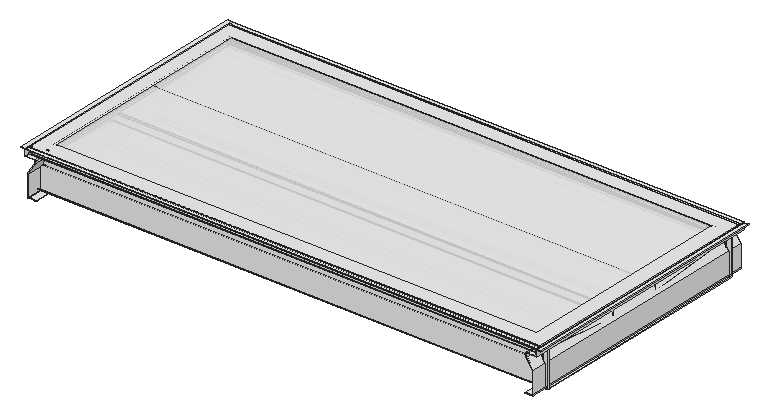
Revit family "LRTG-C29", category Lighting Fixtures, host Face, Revit 2019
Family settings
  Host = Face
  Round Connector Dimension = Use Diameter
  Part Type = Normal
  OmniClass Number = 23.80.70.11.14.17
  OmniClass Title = Direct/Indirect
  Cut with Voids When Loaded = No
  Light Source = Yes
  Shared = No
  Room Calculation Point = No
Parameters (values of type "LRTG-C29-2x4-LED840K092LUNV")
  Width = 1' - 11 3/4"
  Wattage = 72 W
  built-in parameter 1150110 = 1 (stored number, unit not read)
  Voltage = 120 V
  URL = "https://www.viscor.com/en/products/clearform-wet-location"
  built-in parameter 1114217 = 0.9 (stored number, unit not read)
  Tilt Angle = -90.00°
  built-in parameter 1150109 = 1 (stored number, unit not read)
  built-in parameter 1150134 = 12
  built-in parameter 1150113 = 1 (stored number, unit not read)
  Reflector Width = Width - 0' 3 1/16"  # 1' - 8 11/16"
  Photometric Web File = "LRTG-C29-2x4-LED840K092LUNV-G003851.IES"
  Model = "CLEARFORM-Wet Location"  # constant formula
  Manufacturer = "VISIONEERING by VISCOR"  # constant formula
  built-in parameter 1150105 = 733.39 (stored number, unit not read)
  Lumens = 9216 lm
  built-in parameter 1150115 = 1 (stored number, unit not read)
  built-in parameter 1150137 = (empty or 0)
  built-in parameter 1150139 = (empty or 0)
  Lens Finish = Acrylic - Viscor - Frosted Prismatic P12
  Length = 3' - 11 3/4"
  Lamp Wattage = 72 VA
  built-in parameter 1150112 = 1 (stored number, unit not read)
  built-in parameter 1150114 = 1 (stored number, unit not read)
  Lamp = "LED"  # constant formula
  built-in parameter 1150132 = (empty or 0)
  built-in parameter 1150102 = (empty or 0)
  built-in parameter 1150107 = 4000 (stored number, unit not read)
  built-in parameter 1150138 = (empty or 0)
  built-in parameter 1150106 = 7.3339 (stored number, unit not read)
  Housing Finish = Metal - Viscor - White
  Emit from Rectangle Width = Width  # 1' - 11 3/4"
  Emit from Rectangle Length = Length  # 3' - 11 3/4"
  Emit Shape Visible in Rendering = no
  built-in parameter 1150104 = 11.892 (stored number, unit not read)
  Dimming Lamp Color Temperature Shift = <None>
  Diffuser Finish = Polycarbonate - Viscor - Frosted Single Piece
  Description = "LRTG - ClearForm - Wet Location"  # constant formula
  Default Elevation = 4' - 0"
  Color Filter = 16777215
  built-in parameter 1114218 = 1 (stored number, unit not read)
  built-in parameter 1150133 = 10 (stored number, unit not read)
  Assembly Code = "D5020200"
  Apparent Load = Lamp Wattage  # 72 VA
Types (7): name | Width | Wattage | Reflector Width | Photometric Web File | built-in parameter 1150105 | Lumens | Length | Lamp Wattage | built-in parameter 1150106 | Emit from Rectangle Width | Emit from Rectangle Length | built-in parameter 1150104 | Apparent Load
  (no name) | 1' - 11 3/4" | 72 W | 1' - 8 11/16" | "LRTG-C29-2x4-LED840K092LUNV-G003851.IES" | 733.39 (stored number, unit not read) | 9216 lm | 3' - 11 3/4" | 72 VA | 7.3339 (stored number, unit not read) | 1' - 11 3/4" | 3' - 11 3/4" | 11.892 (stored number, unit not read) | 72 VA
  LRTG-C29-1X4-LED840K040LUNV | 0' - 11 3/4" | 33 W | 0' - 8 11/16" | "LRTG-C29-1x4-LED840K040LUNV-G003907.IES" | 323 (stored number, unit not read) | 4059 lm | 3' - 11 3/4" | 33 VA | 3.23 (stored number, unit not read) | 0' - 11 3/4" | 3' - 11 3/4" | 11.427 (stored number, unit not read) | 33 VA
  LRTG-C29-2X4-LED840K040LUNV | 1' - 11 3/4" | 30 W | 1' - 8 11/16" | "LRTG-C29-2x4-LED840K040LUNV-G003845.IES" | 317.51 (stored number, unit not read) | 3990 lm | 3' - 11 3/4" | 30 VA | 3.1751 (stored number, unit not read) | 1' - 11 3/4" | 3' - 11 3/4" | 12.356 (stored number, unit not read) | 30 VA
  LRTG-C29-2x2-LED840K050LUNV | 1' - 11 3/4" | 38 W | 1' - 8 11/16" | "LRTG-C29-2x2-LED840K050LUNV.IES" | 402.18 (stored number, unit not read) | 5054 lm | 1' - 11 3/4" | 38 VA | 4.0218 (stored number, unit not read) | 1' - 11 3/4" | 1' - 11 3/4" | 12.356 (stored number, unit not read) | 38 VA
  LRTG-C29-2X4-LED840K050LUNV | 1' - 11 3/4" | 38 W | 1' - 8 11/16" | "LRTG-C29-2x4-LED840K050LUNV-G003846.IES" | 402.18 (stored number, unit not read) | 5054 lm | 3' - 11 3/4" | 38 VA | 4.0218 (stored number, unit not read) | 1' - 11 3/4" | 3' - 11 3/4" | 12.356 (stored number, unit not read) | 38 VA
  LRTG-C29-2x4-LED840K074LUNV | 1' - 11 3/4" | 57 W | 1' - 8 11/16" | "LRTG-C29-2x4-LED840K074LUNV-G003847.IES" | 589.67 (stored number, unit not read) | 7410 lm | 3' - 11 3/4" | 57 VA | 5.8967 (stored number, unit not read) | 1' - 11 3/4" | 3' - 11 3/4" | 12.077 (stored number, unit not read) | 57 VA
  LRTG-C29-2x4-LED840K092LUNV | 1' - 11 3/4" | 72 W | 1' - 8 11/16" | "LRTG-C29-2x4-LED840K092LUNV-G003851.IES" | 733.39 (stored number, unit not read) | 9216 lm | 3' - 11 3/4" | 72 VA | 7.3339 (stored number, unit not read) | 1' - 11 3/4" | 3' - 11 3/4" | 11.892 (stored number, unit not read) | 72 VA
Reference planes (in)
  plane 1 "Center (Front/Back)": y = 0
  plane 2: z = 0
  plane 3 "Center (Left/Right)": x = 0
  plane 4 "WidthExtTop": y = 11.875
  plane 5 "WidthExtBottom": y = -11.875
  plane 6 "Left Exterior": x = -23.875
  plane 7: x = 23.875
  plane 8 "LeftBodyFinish": x = -23.437
  plane 9 "RightBodyFinish": x = 23.4375
  plane 10 "LeftCover": x = -22.937
  plane 11: x = 22.9375
  plane 12: y = 10.34375
  plane 13: y = -10.34375
Forms (in)
  Extrusion 1, solid, material "Metal - Viscor - White" <- "Housing Finish"
    sketch origin (0, 0, -3.93625) x (1, 0, 0) y (0, 0, 1)
      loop
        line (-22.405, 0) -> (-22.405, 0.03125) -> (-23.086, 0.03125)
        arc (-23.086, 0.03125) -> (-23.11269, 0.04231) -> (-23.12375, 0.069) r 0.03775
        line (-23.12375, 0.069) -> (-23.12375, 2.02963) -> (-22.49825, 2.99713) -> (-22.49825, 3.3035)
        arc (-22.49825, 3.3035) -> (-22.51883, 3.35317) -> (-22.5685, 3.37375) r 0.07025
        line (-22.5685, 3.37375) -> (-23.43575, 3.37375) -> (-23.43575, 3.866)
        arc (-23.43575, 3.866) -> (-23.45633, 3.91567) -> (-23.506, 3.93625) r 0.07025
        line (-23.506, 3.93625) -> (-23.875, 3.93625) -> (-23.875, 3.905) -> (-23.506, 3.905)
        arc (-23.506, 3.905) -> (-23.47842, 3.89358) -> (-23.467, 3.866) r 0.039
        line (-23.467, 3.866) -> (-23.467, 3.3425) -> (-22.5685, 3.3425)
        arc (-22.5685, 3.3425) -> (-22.54092, 3.33108) -> (-22.5295, 3.3035) r 0.039
        line (-22.5295, 3.3035) -> (-22.5295, 3.00635) -> (-23.155, 2.03885) -> (-23.155, 0.069)
        arc (-23.155, 0.069) -> (-23.13479, 0.02021) -> (-23.086, 0) r 0.069
        line (-23.086, 0) -> (-22.405, 0)
    from -11.875 to 11.875
  Extrusion 2, solid, material "Metal - Viscor - White" <- "Housing Finish"
    sketch origin (0, 0, -3.93625) x (0, 1, 0) y (0, 0, 1)
      loop
        line (-10.461, 0.03) -> (10.461, 0.03)
        arc (10.461, 0.03) -> (10.50979, 0.05035) -> (10.53, 0.09914) r 0.069
        line (10.53, 0.09914) -> (10.53, 3.30348)
        arc (10.53, 3.30348) -> (10.54144, 3.33104) -> (10.569, 3.34245) r 0.03898
        line (10.569, 3.34245) -> (11.39851, 3.34245)
        arc (11.39851, 3.34245) -> (11.44727, 3.36265) -> (11.46747, 3.41141) r 0.06896
        line (11.46747, 3.41141) -> (11.46747, 3.866)
        arc (11.46747, 3.866) -> (11.47892, 3.89358) -> (11.5065, 3.905) r 0.039
        line (11.5065, 3.905) -> (11.875, 3.905) -> (11.875, 3.93625) -> (11.5065, 3.93625)
        arc (11.5065, 3.93625) -> (11.45683, 3.91567) -> (11.43625, 3.866) r 0.07025
        line (11.43625, 3.866) -> (11.43622, 3.41141)
        arc (11.43622, 3.41141) -> (11.42518, 3.38475) -> (11.39851, 3.3737) r 0.03771
        line (11.39851, 3.3737) -> (10.569, 3.3737)
        arc (10.569, 3.3737) -> (10.51934, 3.35313) -> (10.49877, 3.30348) r 0.07023
        line (10.49877, 3.30348) -> (10.49875, 0.09914)
        arc (10.49875, 0.09914) -> (10.48769, 0.07245) -> (10.461, 0.06139) r 0.03775
        line (10.461, 0.06139) -> (-10.461, 0.06125)
        arc (-10.461, 0.06125) -> (-10.48769, 0.07245) -> (-10.49875, 0.09914) r 0.03775
        line (-10.49875, 0.09914) -> (-10.49875, 3.30927)
        arc (-10.49875, 3.30927) -> (-10.52117, 3.35547) -> (-10.569, 3.37419) r 0.07047
        line (-10.569, 3.37419) -> (-11.39785, 3.37419)
        arc (-11.39785, 3.37419) -> (-11.42409, 3.38506) -> (-11.43496, 3.4113) r 0.03711
        line (-11.43496, 3.4113) -> (-11.43496, 3.86691)
        arc (-11.43496, 3.86691) -> (-11.45518, 3.91571) -> (-11.50398, 3.93593) r 0.06902
        line (-11.50398, 3.93593) -> (-11.875, 3.93593) -> (-11.875, 3.90468) -> (-11.50398, 3.90468)
        arc (-11.50398, 3.90468) -> (-11.47728, 3.89362) -> (-11.46621, 3.86691) r 0.03777
        line (-11.46621, 3.86691) -> (-11.46621, 3.4113)
        arc (-11.46621, 3.4113) -> (-11.44619, 3.36296) -> (-11.39785, 3.34294) r 0.06836
        line (-11.39785, 3.34294) -> (-10.569, 3.34294)
        arc (-10.569, 3.34294) -> (-10.54277, 3.33288) -> (-10.53, 3.30786) r 0.03922
        line (-10.53, 3.30786) -> (-10.53, 0.09914)
        arc (-10.53, 0.09914) -> (-10.50979, 0.05035) -> (-10.461, 0.03) r 0.069
    from -23.437 to 23.4375
  Extrusion 3, solid, material "Metal - Viscor - White" <- "Housing Finish"
    sketch origin (0, 0, -3.93625) x (-1, 0, 0) y (0, 0, -1)
      loop
        line (-22.405, 0) -> (-23.086, 0)
        arc (-23.086, 0) -> (-23.13479, -0.02021) -> (-23.155, -0.069) r 0.069
        line (-23.155, -0.069) -> (-23.155, -2.03885) -> (-22.5295, -3.00635) -> (-22.5295, -3.3035)
        arc (-22.5295, -3.3035) -> (-22.54092, -3.33108) -> (-22.5685, -3.3425) r 0.039
        line (-22.5685, -3.3425) -> (-23.467, -3.3425) -> (-23.467, -3.866)
        arc (-23.467, -3.866) -> (-23.47842, -3.89358) -> (-23.506, -3.905) r 0.039
        line (-23.506, -3.905) -> (-23.875, -3.905) -> (-23.875, -3.93625) -> (-23.506, -3.93625)
        arc (-23.506, -3.93625) -> (-23.45633, -3.91567) -> (-23.43575, -3.866) r 0.07025
        line (-23.43575, -3.866) -> (-23.43575, -3.37375) -> (-22.5685, -3.37375)
        arc (-22.5685, -3.37375) -> (-22.51883, -3.35317) -> (-22.49825, -3.3035) r 0.07025
        line (-22.49825, -3.3035) -> (-22.49825, -2.99713) -> (-23.12375, -2.02963) -> (-23.12375, -0.069)
        arc (-23.12375, -0.069) -> (-23.11269, -0.04231) -> (-23.086, -0.03125) r 0.03775
        line (-23.086, -0.03125) -> (-22.405, -0.03125) -> (-22.405, 0)
    from -11.875 to 11.875
  Extrusion 4, solid, material "Metal - Viscor - White" <- "Housing Finish"
    sketch origin (0, 0, -0.0625) x (0, 1, 0) y (-1, 0, 0)
      loop
        line (10, -22.0005) -> (10, 22) -> (-10, 22) -> (-10, -22.0005) -> (10, -22.0005)
      loop
        line (11.375, -23.3755) -> (11.375, 23.375) -> (-11.375, 23.375) -> (-11.375, -23.3755) -> (11.375, -23.3755)
    from 0 to 0.0625
  Extrusion 5, solid, material "Acrylic - Viscor - Frosted Prismatic P12" <- "Lens Finish"
    sketch origin (0, 0, -0.1063) x (0, 1, 0) y (-1, 0, 0)
      loop
        line (10.25, 22.25) -> (-10.25, 22.25) -> (-10.25, -22.2505) -> (10.25, -22.2505) -> (10.25, 22.25)
    from 0 to 0.03125
  Extrusion 6, void
    sketch origin (0, 0, 0) x (1, 0, 0) y (0, 1, 0)
      loop
        line (-23.875, 11.875) -> (-23.875, -11.875) -> (23.875, -11.875) -> (23.875, 11.875) -> (-23.875, 11.875)
    from -5.39812 to 0
  Extrusion 7, solid, material "Metal - Viscor - White" <- "Housing Finish"
    sketch origin (0, 0, 0) x (0, 1, 0) y (0, 0, 1)
      loop
        line (2.91409, -3.87128) -> (3.5, -3.87128) -> (3.5, -3.84003) -> (2.91407, -3.84003)
        arc (2.91407, -3.84003) -> (2.88734, -3.829) -> (2.87626, -3.80229) r 0.03773
        line (2.87626, -3.80229) -> (2.87603, -3.6894)
        arc (2.87603, -3.6894) -> (2.85556, -3.64001) -> (2.80617, -3.61955) r 0.06986
        line (2.80617, -3.61955) -> (-2.80608, -3.61955)
        arc (-2.80608, -3.61955) -> (-2.85772, -3.64215) -> (-2.87627, -3.69538) r 0.07048
        line (-2.87627, -3.69538) -> (-2.87627, -3.80216)
        arc (-2.87627, -3.80216) -> (-2.8873, -3.82892) -> (-2.91404, -3.84001) r 0.03776
        line (-2.91404, -3.84001) -> (-3.5, -3.84001) -> (-3.5, -3.87126) -> (-2.91404, -3.87126)
        arc (-2.91404, -3.87126) -> (-2.8652, -3.85101) -> (-2.84502, -3.80213) r 0.06901
        line (-2.84502, -3.80213) -> (-2.84502, -3.69025)
        arc (-2.84502, -3.69025) -> (-2.8336, -3.66269) -> (-2.80606, -3.65125) r 0.039
        line (-2.80606, -3.65125) -> (2.80605, -3.65125)
        arc (2.80605, -3.65125) -> (2.83363, -3.66267) -> (2.84505, -3.69025) r 0.039
        line (2.84505, -3.69025) -> (2.84501, -3.80229)
        arc (2.84501, -3.80229) -> (2.86525, -3.85111) -> (2.91409, -3.87128) r 0.06898
    from -22.937 to 22.9375
  Extrusion 8, solid, material "Metal - Viscor - White" <- "Housing Finish"
    sketch origin (0, 0, 0) x (0, 1, 0) y (0, 0, 1)
      loop
        line (2.875, -3.62125) -> (10.45254, -1.7937)
        arc (10.45254, -1.7937) -> (10.48671, -1.77178) -> (10.5, -1.73347) r 0.062
        line (10.5, -1.73347) -> (10.5, -0.7193)
        arc (10.5, -0.7193) -> (10.48186, -0.67543) -> (10.438, -0.65725) r 0.062
        line (10.438, -0.65725) -> (10.187, -0.65725)
        arc (10.187, -0.65725) -> (10.14316, -0.67541) -> (10.125, -0.71925) r 0.062
        line (10.125, -0.71925) -> (10.125, -0.94725) -> (10.15625, -0.94725) -> (10.15625, -0.71925)
        arc (10.15625, -0.71925) -> (10.16526, -0.69751) -> (10.187, -0.6885) r 0.03075
        line (10.187, -0.6885) -> (10.438, -0.6885)
        arc (10.438, -0.6885) -> (10.45975, -0.69752) -> (10.46875, -0.71928) r 0.03075
        line (10.46875, -0.71928) -> (10.46875, -1.73343)
        arc (10.46875, -1.73343) -> (10.46216, -1.75245) -> (10.44521, -1.76332) r 0.03075
        line (10.44521, -1.76332) -> (2.87128, -3.59) -> (2.25, -3.59) -> (2.25, -3.62125) -> (2.875, -3.62125)
    from -22.937 to 22.9375
  Extrusion 9, solid, material "Metal - Viscor - White" <- "Housing Finish"
    sketch origin (0, 0, 0) x (0, -1, 0) y (0, 0, -1)
      loop
        line (2.875, 3.62125) -> (2.25, 3.62125) -> (2.25, 3.59) -> (2.87128, 3.59) -> (10.44521, 1.76332)
        arc (10.44521, 1.76332) -> (10.46216, 1.75245) -> (10.46875, 1.73343) r 0.03075
        line (10.46875, 1.73343) -> (10.46875, 0.71928)
        arc (10.46875, 0.71928) -> (10.45975, 0.69752) -> (10.438, 0.6885) r 0.03075
        line (10.438, 0.6885) -> (10.187, 0.6885)
        arc (10.187, 0.6885) -> (10.16526, 0.69751) -> (10.15625, 0.71925) r 0.03075
        line (10.15625, 0.71925) -> (10.15625, 0.94725) -> (10.125, 0.94725) -> (10.125, 0.71925)
        arc (10.125, 0.71925) -> (10.14316, 0.67541) -> (10.187, 0.65725) r 0.062
        line (10.187, 0.65725) -> (10.438, 0.65725)
        arc (10.438, 0.65725) -> (10.48186, 0.67543) -> (10.5, 0.7193) r 0.062
        line (10.5, 0.7193) -> (10.5, 1.73347)
        arc (10.5, 1.73347) -> (10.48671, 1.77178) -> (10.45254, 1.7937) r 0.062
        line (10.45254, 1.7937) -> (2.875, 3.62125)
    from -22.937 to 22.9375
  Extrusion 10, solid, material "Polycarbonate - Viscor - Frosted Single Piece"
    sketch origin (0, 0, 0) x (0, 1, 0) y (0, 0, 1)
      loop
        line (2.50514, -1.72164) -> (10.34375, -1.03585) -> (10.34375, -0.99664) -> (2.50171, -1.68273)
        arc (2.50171, -1.68273) -> (2.47279, -1.67378) -> (2.45846, -1.64712) r 0.03994
        line (2.45846, -1.64712) -> (2.39151, -1.01009)
        arc (2.39151, -1.01009) -> (2.36611, -0.96024) -> (2.31388, -0.94019) r 0.07806
        line (2.31388, -0.94019) -> (-2.31463, -0.94019)
        arc (-2.31463, -0.94019) -> (-2.36639, -0.9605) -> (-2.3915, -1.01009) r 0.07806
        line (-2.3915, -1.01009) -> (-2.45846, -1.64712)
        arc (-2.45846, -1.64712) -> (-2.47279, -1.67378) -> (-2.50171, -1.68273) r 0.03994
        line (-2.50171, -1.68273) -> (-10.34375, -0.99664) -> (-10.34375, -1.03585) -> (-2.50514, -1.72164)
        arc (-2.50514, -1.72164) -> (-2.44796, -1.70393) -> (-2.41961, -1.65121) r 0.079
        line (-2.41961, -1.65121) -> (-2.35265, -1.01417)
        arc (-2.35265, -1.01417) -> (-2.34016, -0.98945) -> (-2.31441, -0.97925) r 0.039
        line (-2.31441, -0.97925) -> (2.31388, -0.97925)
        arc (2.31388, -0.97925) -> (2.33998, -0.98927) -> (2.35266, -1.01417) r 0.03899
        line (2.35266, -1.01417) -> (2.41961, -1.65121)
        arc (2.41961, -1.65121) -> (2.44796, -1.70393) -> (2.50514, -1.72164) r 0.079
    from -22.937 to 22.9375
Dimensions and locks (in)
  equal spacing: plane 4 "WidthExtTop", plane 1 "Center (Front/Back)", plane 5 "WidthExtBottom"
  equal spacing: plane 6 "Left Exterior", plane 3 "Center (Left/Right)", plane 7
  "Length": plane 6 "Left Exterior" to plane 7
  "Width": plane 4 "WidthExtTop" to plane 5 "WidthExtBottom"
  plane 6 "Left Exterior" to plane 8 "LeftBodyFinish" to plane 3 "Center (Left/Right)" = 0' - 0.438", 1' - 11.437"
  locked: plane 9 "RightBodyFinish" to plane 7 at 0.4375
  locked: plane 8 "LeftBodyFinish" to plane 10 "LeftCover" at 0.5
  plane 3 "Center (Left/Right)" to plane 9 "RightBodyFinish" = 1' - 11 7/16"
  locked: plane 11 to plane 9 "RightBodyFinish" at 0.5
  equal spacing: plane 12, plane 1 "Center (Front/Back)", plane 13
  "Reflector Width": plane 12 to plane 13
  Extrusion 10 sketch curve to Extrusion 10 sketch curve = 0' - 0.1039"
  Extrusion 10 sketch curve to Extrusion 10 sketch curve = 0' - 0.10446"
  Extrusion 10 sketch curve to plane 1 "Center (Front/Back)" = 0' - 2.31388"
  plane 1 "Center (Front/Back)" to Extrusion 10 sketch curve = 0' - 2.31463"
  aligned and locked: plane 2 to host face
  aligned and locked: level to host face
  aligned and locked: plane 4 "WidthExtTop" to Extrusion 1
  aligned and locked: Extrusion 1 to plane 5 "WidthExtBottom"
  aligned and locked: Extrusion 2 to plane 8 "LeftBodyFinish"
  aligned and locked: plane 9 "RightBodyFinish" to Extrusion 2
  aligned and locked: plane 4 "WidthExtTop" to Extrusion 3
  aligned and locked: Extrusion 3 to plane 5 "WidthExtBottom"
  aligned and locked: plane 6 "Left Exterior" to Extrusion 6 sketch curve
  aligned and locked: plane 5 "WidthExtBottom" to Extrusion 6 sketch curve
  aligned and locked: Extrusion 6 sketch curve to plane 7
  aligned and locked: Extrusion 6 sketch curve to plane 4 "WidthExtTop"
  aligned and locked: Extrusion 7 to plane 10 "LeftCover"
  aligned and locked: plane 11 to Extrusion 7
  aligned and locked: Extrusion 8 to plane 10 "LeftCover"
  aligned and locked: plane 11 to Extrusion 8
  aligned and locked: Extrusion 9 to plane 10 "LeftCover"
  aligned and locked: plane 11 to Extrusion 9
  aligned and locked: Extrusion 10 to plane 10 "LeftCover"
  aligned and locked: plane 11 to Extrusion 10
  aligned and locked: plane 12 to Extrusion 10 sketch curve
  aligned and locked: plane 13 to Extrusion 10 sketch curve
Automatic sketch dimensions
  host sketch curve to host sketch curve = 8' - 0"  (x2)
  Extrusion 1 sketch curve to Extrusion 1 sketch curve = 0' - 0"  (x6)
  Extrusion 1 sketch curve to plane 6 "Left Exterior" = 0' - 0"
  Extrusion 1 sketch curve to level = 0' - 0"
  Extrusion 1 sketch curve to plane 8 "LeftBodyFinish" = 0' - 0.069"
  Extrusion 1 sketch curve to plane 8 "LeftBodyFinish" = 0' - 0.03"
  plane 8 "LeftBodyFinish" to Extrusion 1 sketch curve = 0' - 0.00125"
  Extrusion 1 sketch curve to plane 10 "LeftCover" = 0' - 0.218"
  Extrusion 1 sketch curve to Extrusion 1 sketch curve = 0' - 0 1/32"  (x2)
  Extrusion 1 sketch curve to Extrusion 1 sketch curve = 0' - 0.03775"
  plane 10 "LeftCover" to Extrusion 1 sketch curve = 0' - 0.3685"
  Extrusion 1 sketch curve to Extrusion 1 sketch curve = 0' - 0.039"
  plane 10 "LeftCover" to Extrusion 1 sketch curve = 0' - 0.532"
  Extrusion 1 sketch curve to Extrusion 1 sketch curve = 0' - 0.49225"
  Extrusion 1 sketch curve to Extrusion 1 sketch curve = 0' - 0.29715"
  Extrusion 1 sketch curve to Extrusion 1 sketch curve = 0' - 0.00922"  (x2)
  Extrusion 1 sketch curve to Extrusion 1 sketch curve = 0' - 0.9675"
  Extrusion 1 sketch curve to Extrusion 1 sketch curve = 0' - 1.96063"
  Extrusion 2 sketch curve to Extrusion 2 sketch curve = 0' - 0"  (x24)
  Extrusion 2 sketch curve to plane 5 "WidthExtBottom" = 0' - 0"
  Extrusion 2 sketch curve to level = 0' - 0.06934"
  plane 5 "WidthExtBottom" to Extrusion 2 sketch curve = 0' - 0.37102"
  Extrusion 2 sketch curve to Extrusion 2 sketch curve = 0' - 0.03777"
  Extrusion 2 sketch curve to Extrusion 2 sketch curve = 0' - 0 1/32"  (x4)
  Extrusion 2 sketch curve to Extrusion 2 sketch curve = 0' - 0.03711"
  Extrusion 2 sketch curve to Extrusion 2 sketch curve = 0' - 0.82885"
  plane 5 "WidthExtBottom" to Extrusion 2 sketch curve = 0' - 1.345"
  Extrusion 2 sketch curve to Extrusion 2 sketch curve = 0' - 0.03775"  (x2)
  Extrusion 2 sketch curve to plane 4 "WidthExtTop" = 0' - 1.414"
  Extrusion 2 sketch curve to Extrusion 2 sketch curve = 0' - 0.039"
  Extrusion 2 sketch curve to plane 4 "WidthExtTop" = 0' - 0.47649"
  Extrusion 2 sketch curve to Extrusion 2 sketch curve = 0' - 0.03771"
  Extrusion 2 sketch curve to Extrusion 2 sketch curve = 0' - 0.03903"
  level to Extrusion 2 sketch curve = 0' - 0"
  plane 4 "WidthExtTop" to Extrusion 2 sketch curve = 0' - 0"
  Extrusion 2 sketch curve to level = 0' - 0.07025"
  Extrusion 2 sketch curve to Extrusion 2 sketch curve = 0' - 0.45459"
  Extrusion 2 sketch curve to Extrusion 2 sketch curve = 0' - 0.45561"
  Extrusion 2 sketch curve to Extrusion 2 sketch curve = 0' - 0.03367"
  Extrusion 2 sketch curve to Extrusion 2 sketch curve = 0' - 0.03898"
  Extrusion 2 sketch curve to Extrusion 2 sketch curve = 0' - 3.20433"
  Extrusion 2 sketch curve to Extrusion 2 sketch curve = 0' - 3.20458"
  Extrusion 2 sketch curve to level = 0' - 0 1/32"
  Extrusion 2 sketch curve to Extrusion 2 sketch curve = 0' - 0.00014"  (x2)
  Extrusion 3 sketch curve to Extrusion 3 sketch curve = 0' - 0"  (x6)
  Extrusion 3 sketch curve to plane 7 = 0' - 0"
  Extrusion 3 sketch curve to level = 0' - 0"
  Extrusion 3 sketch curve to plane 9 "RightBodyFinish" = 0' - 0.0685"
  Extrusion 3 sketch curve to plane 9 "RightBodyFinish" = 0' - 0.0295"
  plane 9 "RightBodyFinish" to Extrusion 3 sketch curve = 0' - 0.00175"
  Extrusion 3 sketch curve to plane 11 = 0' - 0.2175"
  Extrusion 3 sketch curve to Extrusion 3 sketch curve = 0' - 0 1/32"  (x2)
  Extrusion 3 sketch curve to Extrusion 3 sketch curve = 0' - 0.03775"
  plane 11 to Extrusion 3 sketch curve = 0' - 0.369"
  Extrusion 3 sketch curve to Extrusion 3 sketch curve = 0' - 0.039"
  plane 11 to Extrusion 3 sketch curve = 0' - 0.5325"
  Extrusion 3 sketch curve to Extrusion 3 sketch curve = 0' - 0.49225"
  Extrusion 3 sketch curve to Extrusion 3 sketch curve = 0' - 0.29715"
  Extrusion 3 sketch curve to Extrusion 3 sketch curve = 0' - 0.00922"  (x2)
  Extrusion 3 sketch curve to Extrusion 3 sketch curve = 0' - 0.9675"
  Extrusion 3 sketch curve to Extrusion 3 sketch curve = 0' - 1.96063"
  Extrusion 4 sketch curve to plane 9 "RightBodyFinish" = 0' - 0.062"
  plane 5 "WidthExtBottom" to Extrusion 4 sketch curve = 0' - 0 1/2"
  Extrusion 4 sketch curve to plane 11 = 0' - 0.937"
  plane 5 "WidthExtBottom" to Extrusion 4 sketch curve = 0' - 1 7/8"
  plane 10 "LeftCover" to Extrusion 4 sketch curve = 0' - 0.937"
  Extrusion 4 sketch curve to plane 4 "WidthExtTop" = 0' - 1 7/8"
  Extrusion 4 sketch curve to plane 4 "WidthExtTop" = 0' - 0 1/2"
  plane 8 "LeftBodyFinish" to Extrusion 4 sketch curve = 0' - 0.062"
  plane 10 "LeftCover" to Extrusion 5 sketch curve = 0' - 0.687"
  plane 5 "WidthExtBottom" to Extrusion 5 sketch curve = 0' - 1 5/8"
  Extrusion 5 sketch curve to plane 4 "WidthExtTop" = 0' - 1 5/8"
  Extrusion 5 sketch curve to plane 11 = 0' - 0.687"
  Extrusion 7 sketch curve to Extrusion 7 sketch curve = 0' - 0"  (x9)
  plane 1 "Center (Front/Back)" to Extrusion 7 sketch curve = 0' - 3 1/2"
  Extrusion 7 sketch curve to Extrusion 7 sketch curve = 0' - 0.58596"
  Extrusion 7 sketch curve to Extrusion 7 sketch curve = 0' - 0.03776"  (x2)
  Extrusion 7 sketch curve to Extrusion 7 sketch curve = 0' - 0 1/32"  (x3)
  Extrusion 7 sketch curve to Extrusion 7 sketch curve = 0' - 0.03895"
  Extrusion 7 sketch curve to Extrusion 7 sketch curve = 0' - 0.00006"
  Extrusion 7 sketch curve to plane 1 "Center (Front/Back)" = 0' - 2.80605"
  Extrusion 7 sketch curve to Extrusion 7 sketch curve = 0' - 0.00012"
  Extrusion 7 sketch curve to Extrusion 7 sketch curve = 0' - 0.03896"
  Extrusion 7 sketch curve to Extrusion 7 sketch curve = 0' - 0.03101"
  Extrusion 7 sketch curve to Extrusion 7 sketch curve = 0' - 0.03797"
  Extrusion 7 sketch curve to Extrusion 7 sketch curve = 0' - 0.00007"
  Extrusion 7 sketch curve to Extrusion 7 sketch curve = 0' - 0.00003"
  Extrusion 7 sketch curve to Extrusion 7 sketch curve = 0' - 0 75/128"
  Extrusion 7 sketch curve to level = 0' - 3.87128"
  Extrusion 7 sketch curve to level = 0' - 3.87126"
  Extrusion 7 sketch curve to Extrusion 7 sketch curve = 0' - 0.10678"
  Extrusion 7 sketch curve to Extrusion 7 sketch curve = 0' - 0.11204"
  Extrusion 7 sketch curve to Extrusion 7 sketch curve = 0' - 0.00513"
  Extrusion 7 sketch curve to Extrusion 7 sketch curve = 0' - 0.00023"
  Extrusion 7 sketch curve to Extrusion 7 sketch curve = 0' - 0.0317"
  Extrusion 8 sketch curve to Extrusion 8 sketch curve = 0' - 0"  (x15)
  Extrusion 8 sketch curve to plane 1 "Center (Front/Back)" = 0' - 2 1/4"
  Extrusion 8 sketch curve to Extrusion 8 sketch curve = 0' - 0.62128"
  Extrusion 8 sketch curve to Extrusion 8 sketch curve = 0' - 0.00372"
  Extrusion 8 sketch curve to plane 4 "WidthExtTop" = 0' - 1 3/4"
  Extrusion 8 sketch curve to Extrusion 8 sketch curve = 0' - 0 1/32"  (x4)
  Extrusion 8 sketch curve to Extrusion 8 sketch curve = 0' - 0.03075"  (x3)
  Extrusion 8 sketch curve to Extrusion 8 sketch curve = 0' - 0.251"
  Extrusion 8 sketch curve to Extrusion 8 sketch curve = 0' - 0.28175"
  Extrusion 8 sketch curve to level = 0' - 3.62125"
  Extrusion 8 sketch curve to level = 0' - 1.73343"
  Extrusion 8 sketch curve to Extrusion 8 sketch curve = 0' - 0.78618"
  Extrusion 8 sketch curve to Extrusion 8 sketch curve = 0' - 0.22795"
  Extrusion 8 sketch curve to Extrusion 8 sketch curve = 0' - 0.228"
  Extrusion 8 sketch curve to Extrusion 8 sketch curve = 0' - 0.00003"
  Extrusion 8 sketch curve to Extrusion 8 sketch curve = 0' - 0.00721"
  Extrusion 8 sketch curve to Extrusion 8 sketch curve = 0' - 0.00733"
  Extrusion 8 sketch curve to Extrusion 8 sketch curve = 0' - 0.00005"  (x2)
  Extrusion 9 sketch curve to Extrusion 9 sketch curve = 0' - 0"  (x15)
  Extrusion 9 sketch curve to plane 1 "Center (Front/Back)" = 0' - 2 1/4"
  Extrusion 9 sketch curve to Extrusion 9 sketch curve = 0' - 0.62128"
  Extrusion 9 sketch curve to Extrusion 9 sketch curve = 0' - 0.00372"
  Extrusion 9 sketch curve to plane 5 "WidthExtBottom" = 0' - 1 3/4"
  Extrusion 9 sketch curve to Extrusion 9 sketch curve = 0' - 0 1/32"  (x4)
  Extrusion 9 sketch curve to Extrusion 9 sketch curve = 0' - 0.03075"  (x3)
  Extrusion 9 sketch curve to Extrusion 9 sketch curve = 0' - 0.251"
  Extrusion 9 sketch curve to Extrusion 9 sketch curve = 0' - 0.28175"
  level to Extrusion 9 sketch curve = 0' - 3.62125"
  level to Extrusion 9 sketch curve = 0' - 1.73343"
  Extrusion 9 sketch curve to Extrusion 9 sketch curve = 0' - 0.78618"
  Extrusion 9 sketch curve to Extrusion 9 sketch curve = 0' - 0.22795"
  Extrusion 9 sketch curve to Extrusion 9 sketch curve = 0' - 0.228"
  Extrusion 9 sketch curve to Extrusion 9 sketch curve = 0' - 0.00003"
  Extrusion 9 sketch curve to Extrusion 9 sketch curve = 0' - 0.00721"
  Extrusion 9 sketch curve to Extrusion 9 sketch curve = 0' - 0.00733"
  Extrusion 9 sketch curve to Extrusion 9 sketch curve = 0' - 0.00005"  (x2)
  Extrusion 10 sketch curve to Extrusion 10 sketch curve = 0' - 0"  (x16)
  Extrusion 10 sketch curve to Extrusion 10 sketch curve = 0' - 0.1905"
  Extrusion 10 sketch curve to Extrusion 10 sketch curve = 0' - 0.00343"  (x2)
  Extrusion 10 sketch curve to Extrusion 10 sketch curve = 0' - 0.00353"  (x2)
  Extrusion 10 sketch curve to level = 0' - 1.01009"
  Extrusion 10 sketch curve to Extrusion 10 sketch curve = 0' - 0.07687"
  Extrusion 10 sketch curve to level = 0' - 1.01417"  (x2)
  Extrusion 10 sketch curve to Extrusion 10 sketch curve = 0' - 0.03885"  (x3)
  Extrusion 10 sketch curve to Extrusion 10 sketch curve = 0' - 0.00022"
  Extrusion 10 sketch curve to Extrusion 10 sketch curve = 0' - 0.00054"
  Extrusion 10 sketch curve to Extrusion 10 sketch curve = 0' - 0.03878"
  Extrusion 10 sketch curve to Extrusion 10 sketch curve = 0' - 0.10666"
  Extrusion 10 sketch curve to level = 0' - 1.72164"
  Extrusion 10 sketch curve to Extrusion 10 sketch curve = 0' - 0.71155"
  Extrusion 10 sketch curve to Extrusion 10 sketch curve = 0' - 0.03891"  (x2)
  Extrusion 10 sketch curve to Extrusion 10 sketch curve = 0' - 0.03978"  (x2)
  Extrusion 10 sketch curve to level = 0' - 1.03585"  (x2)
  Extrusion 10 sketch curve to Extrusion 10 sketch curve = 0' - 0.03921"  (x2)
  Extrusion 10 sketch curve to Extrusion 10 sketch curve = 0' - 0.03972"
  Extrusion 10 sketch curve to Extrusion 10 sketch curve = 0' - 0.07857"
Connectors (in)
  electrical at (0, 0, 0), driven by "Voltage", driven by "Lamp Wattage"
    settings: index 1, voltage 120 V, apparent load 0 VA, apparent load phase1 72 VA, apparent load phase2 0 VA, apparent load phase3 0 VA, power factor 1, load classification "Other", number of poles 1, system type 31, power factor state 1, is connector primary yes, connector utility no, sub classification motor no, connector description ""
